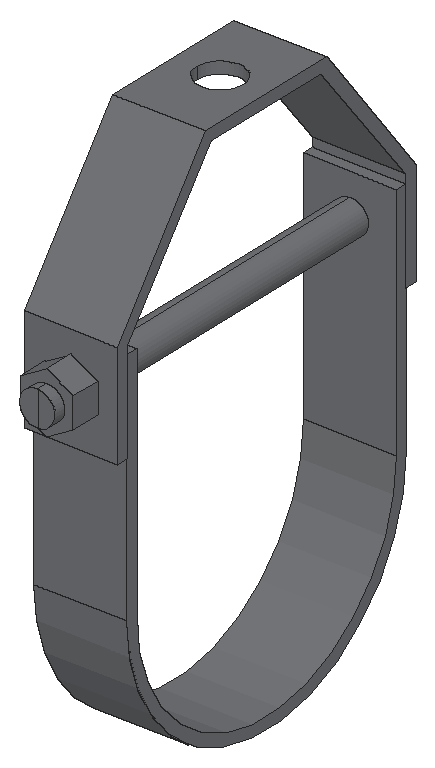
Revit family "7005P Std Duty Clevis Hanger", category Pipe Accessories, Revit 2018
Family settings
  Round Connector Dimension = Use Diameter
  Part Type = Normal
  OmniClass Number = 23.60.30.11.17
  OmniClass Title = Pipework/Ductwork Mechanical Fasteners/Supports
  Work Plane-Based = No
  Always vertical = Yes
  Cut with Voids When Loaded = No
  Shared = No
Parameters
  smallersize [instance] = Nominal Diameter < 1.350"  # no
  nut1_dia [instance] = size_lookup("nut_hex_US", "nut_dia", 1.500", D3)  # 0.5625"
  bolt rad [instance] = if(Nominal Diameter > 18.000", 0.500", nut1_dia / 3)  # 0.1875"
  Weight [instance] = size_lookup(LookupTable, "Weight", "NA", Nominal Diameter)  # "0.83 lbs."
  Product ID [instance] = size_lookup(LookupTable, "ProductID", "NA", Nominal Diameter)  # "5060381"
  Part Number [instance] = size_lookup(LookupTable, "PartNumber", "NA", Nominal Diameter)  # "FNW7005P0300"
  LookupTable [instance] = "7005P Std Duty Clevis Hanger"  # constant formula
  fillet [instance] = D3 + Y2  # 0.500"
  Z1 [instance] = size_lookup(LookupTable, "Z1", 0.000", Nominal Diameter)  # 1.5625"
  Z4 [instance] = size_lookup(LookupTable, "Z4", 0.000", Nominal Diameter)  # 4.125"
  Z3 [instance] = size_lookup(LookupTable, "Z3", 0.000", Nominal Diameter)  # 2.6875"
  Z2 [instance] = size_lookup(LookupTable, "Z2", 0.000", Nominal Diameter)  # 2.125"
  Z5 [instance] = size_lookup(LookupTable, "Z5", 0.000", Nominal Diameter)  # 2.5625"
  Y1 [instance] = size_lookup(LookupTable, "Y1", 0.000", Nominal Diameter)  # 1.3646"
  Y2 [instance] = size_lookup(LookupTable, "Y2", 0.000", Nominal Diameter)  # 0.125"
  nut1_height [instance] = size_lookup("nut_hex_US", "nut_height", 1.000", D3)  # 0.32813"
  W1 [instance] = size_lookup(LookupTable, "W1", 0.000", Nominal Diameter)  # 1.000"
  URL = "http://fnw.com"
  Nominal Diameter [instance] = 3.000"
  Manufacturer = "FNW"  # constant formula
  Description BOM [instance] = size_lookup(LookupTable, "Description_BOM", "NA", Nominal Diameter)  # "3 7005P Std Duty Clevis Hanger"
  D3 [instance] = size_lookup(LookupTable, "D3", 0.000", Nominal Diameter)  # 0.375"
  D2 [instance] = size_lookup(LookupTable, "D2", 0.000", Nominal Diameter)  # 0.500"
  D1 [instance] = size_lookup(LookupTable, "D1", 0.000", Nominal Diameter)  # 3.500"
  bolt_length [instance] = D1 + (Y2 * 4) + nut1_height + 0.125"  # 4.45313"
  biggersize [instance] = Nominal Diameter > 1.350"  # yes
  120 = 120.00°
Reference planes (in)
  plane 1 "Center (Front/Back)": y = 0
  plane 2: z = 0
  plane 3 "Center (Left/Right)": x = 0
  plane 4: z = 2.125
  plane 5: z = 4.125
  plane 6: z = 2.6875
  plane 7: z = 1.5625
  plane 8: y = 0.6823
  plane 9: y = -0.6823
  plane 10: y = -1.75
  plane 11: y = 1.75
  plane 12: y = -1.875
  plane 13: y = 1.875
  plane 14: y = 2
  plane 15: y = -2
  plane 16: y = -2.32813
  plane 17: y = 2.32812
  plane 18: z = 1.8
  plane 19: x = -0.5
  plane 20: x = 0.5
  plane 21: y = -2.45313
  plane 22: z = 4.25
Forms (in)
  Sweep 1, solid, material "Steel, Black"
    path origin (0, 0, 0) x (0, 1, 0) y (0, 0, 1)
      loop
        line (1.75, 2.5625) -> (1.75, 0)
        arc (1.75, 0) -> (0, -1.75) -> (-1.75, 0) r 1.75
        line (-1.75, 0) -> (-1.75, 2.5625)
    profile origin (0, 1.75, 1.28125) x (1, 0, 0) y (0, 1, 0)
      loop
        line (-0.5, 0.125) -> (-0.5, 0) -> (0.5, 0) -> (0.5, 0.125) -> (-0.5, 0.125)
  Extrusion 2, void
    sketch origin (0, 0, 0) x (1, 0, 0) y (0, 1, 0)
      loop
        circle (0, 0) r 0.25
    from 4.125 to 4.25
  Extrusion 3, solid, material "Steel, Black", visible <- "smallersize"
    sketch origin (0, 0, 0) x (0, 1, 0) y (0, 0, 1)
      loop
        line (-1.875, 1.5625) -> (-1.875, 3.75)
        arc (-1.875, 3.75) -> (-1.76517, 4.01517) -> (-1.5, 4.125) r 0.375
        line (-1.5, 4.125) -> (1.5, 4.125)
        arc (1.5, 4.125) -> (1.76517, 4.01517) -> (1.875, 3.75) r 0.375
        line (1.875, 3.75) -> (1.875, 1.5625) -> (2, 1.5625) -> (2, 3.75)
        arc (2, 3.75) -> (1.85355, 4.10355) -> (1.5, 4.25) r 0.5
        line (1.5, 4.25) -> (-1.5, 4.25)
        arc (-1.5, 4.25) -> (-1.85355, 4.10355) -> (-2, 3.75) r 0.5
        line (-2, 3.75) -> (-2, 1.5625) -> (-1.875, 1.5625)
    from -0.5 to 0.5
  Extrusion 4, solid, material "Steel, Black", visible <- "biggersize"
    sketch origin (0, 0, 0) x (0, 1, 0) y (0, 0, 1)
      loop
        line (-2, 2.6875) -> (-2, 1.5625) -> (-1.875, 1.5625) -> (-1.875, 2.64543) -> (-0.75184, 4.125) -> (0.73225, 4.125) -> (1.875, 2.66126) -> (1.875, 1.5625) -> (2, 1.5625) -> (2, 2.6875) -> (0.81389, 4.25) -> (-0.81389, 4.25) -> (-2, 2.6875)
    from -0.5 to 0.5
  Revolve 5, solid, material "Steel, Black"
    sketch origin (0, 0, 0) x (0, 1, 0) y (0, 0, 1)
      loop
        line (-2.45313, 2.125) -> (2, 2.125) -> (2, 2.3125) -> (-2.45313, 2.3125) -> (-2.45313, 2.125)
      axis (2, 2.125) -> (-2.45313, 2.125)
    angle from 0 to 360
Cuts and joins
  Extrusion 2 cuts Extrusion 3
  Extrusion 2 cuts Extrusion 4
Lines and regions (in)
  model lines, style "center"
    curve 1: line (0, 0, 4.125) -> (0, 0, 0)
    curve 2: line (0, 1.75, 0) -> (0, -1.75, 0)
Dimensions and locks (in)
  equal spacing: Sweep 1 sketch curve, plane 1 "Center (Front/Back)", Sweep 1 sketch curve
  "D1": Sweep 1 sketch curve to Sweep 1 sketch curve
  "Z5": Sweep 1 sketch curve to level  (x2)
  equal spacing: Sweep 1 sketch curve, profile plane, Sweep 1 sketch curve
  "W1": Sweep 1 sketch curve to Sweep 1 sketch curve
  "Y2": Sweep 1 sketch curve to Sweep 1 sketch curve
  "Z4": plane 5 to plane 2
  "Z3": plane 6 to plane 2
  "Z1": plane 7 to plane 2
  equal spacing: plane 9, plane 1 "Center (Front/Back)", plane 8
  "Y1": plane 9 to plane 8
  equal spacing: plane 10, plane 1 "Center (Front/Back)", plane 11
  "D1": plane 10 to plane 11
  "Y2": plane 12 to plane 10
  "Y2": plane 11 to plane 13
  "Y2": plane 15 to plane 12
  "Y2": plane 13 to plane 14
  "nut1_height": plane 14 to plane 17
  "nut1_height": plane 16 to plane 15
  "Z2": plane 4 to plane 2
  "Y2": Extrusion 3 sketch curve to plane 5
  equal spacing: plane 19, plane 3 "Center (Left/Right)", plane 20
  "W1": plane 19 to plane 20
  "bolt_length": plane 14 to plane 21
  "Y2": plane 22 to plane 5
  "Y2": Extrusion 4 sketch curve to Extrusion 4 sketch curve
  "Y2": plane 13 to Extrusion 4 sketch curve
  "Y2": Extrusion 4 sketch curve to plane 12
  "bolt rad": Revolve 5 sketch curve to plane 4
  "D1": diameter of Sweep 1 sketch curve
  "D2": diameter of Extrusion 2 sketch curve
  "D3": radius of Extrusion 3 sketch curve  (x2)
  "fillet": radius of Extrusion 3 sketch curve  (x2)
  aligned and locked: plane 2 to level
  aligned and locked: Sweep 1 sketch curve to profile plane
  aligned and locked: plane 7 to Extrusion 3 sketch curve
  aligned and locked: Extrusion 3 sketch curve to plane 7
  aligned and locked: plane 14 to Extrusion 3 sketch curve
  aligned and locked: Extrusion 3 sketch curve to plane 13
  aligned and locked: plane 12 to Extrusion 3 sketch curve
  aligned and locked: Extrusion 3 sketch curve to plane 5
  aligned and locked: plane 19 to Extrusion 3
  aligned and locked: Extrusion 3 to plane 20
  aligned and locked: Extrusion 2 to plane 5
  aligned and locked: plane 22 to Extrusion 2
  aligned and locked: plane 12 to Extrusion 4 sketch curve
  aligned and locked: Extrusion 4 sketch curve to plane 13
  aligned and locked: cut or joined group of Extrusion 2, Extrusion 4 to plane 20
  aligned and locked: plane 19 to cut or joined group of Extrusion 2, Extrusion 4
  aligned and locked: plane 4 to Revolve 5 sketch curve  (x2)
  aligned and locked: cut or joined group of Extrusion 2, Extrusion 4 to plane 7  (x2)
  aligned and locked: Revolve 5 sketch curve to plane 14
  aligned and locked: plane 21 to Revolve 5 sketch curve
  aligned and locked: nested 2 to plane 15
Automatic sketch dimensions
  curve 2 to plane 3 "Center (Left/Right)" = 0.000"
  plane 10 to curve 2 = 0.000"
  curve 2 to plane 11 = 0.000"
  curve 1 to level = 0.000"
  curve 1 to plane 1 "Center (Front/Back)" = 0.000"
  curve 1 to plane 5 = 0.000"
  Sweep 1 sketch curve to level = 0.000"
  plane 1 "Center (Front/Back)" to Extrusion 2 sketch curve = 0.000"
  Extrusion 2 sketch curve to plane 3 "Center (Left/Right)" = 0.000"
  Extrusion 3 sketch curve to Extrusion 3 sketch curve = 0.000"
  Extrusion 4 sketch curve to plane 22 = 0.000"
  Extrusion 4 sketch curve to plane 5 = 0.000"
  Extrusion 4 sketch curve to plane 7 = 0.000"  (x2)
  Extrusion 4 sketch curve to plane 6 = 0.000"  (x2)
  Extrusion 4 sketch curve to plane 9 = 0.13159"
  Extrusion 4 sketch curve to plane 8 = 0.04995"
  Extrusion 4 sketch curve to plane 8 = 0.13159"
  Extrusion 4 sketch curve to plane 6 = 0.02624"
  Revolve 5 sketch curve to plane 15 = 0.03399"
  plane 17 to Revolve 5 sketch curve = 0.16471"
Nested families (in)
  nested 1: "nest hex nut" at (-0.15598, 2, 2.23182) x (0, 0, 1) z (0, 1, 0), BHX1 <- "nut1_height", SCD3 <- "nut1_dia", type "nest hex nut"
    with Weight "", SCR3 0.28125", SCD3 0.5625", Product ID "", Part Number "", Nominal Diameter 1/2", Description BOM "", Center of Hex 12.000", BHX1 0.32813"
  nested 2: "nest hex nut" at (0, -2.32813, 2.12306) x (0, 0, 1) z (0, 1, 0), BHX1 <- "nut1_height", SCD3 <- "nut1_dia", type "nest hex nut"
    with Weight "", SCR3 0.28125", SCD3 0.5625", Product ID "", Part Number "", Nominal Diameter 1/2", Description BOM "", Center of Hex 12.000", BHX1 0.32813"
Definition of nested family "nest hex nut"
  Parameters (values of type "nest hex nut")
    Weight [instance] = ""
    URL = "http://www.fnw.com"
    Standards Lookup Table = "Standards"  # constant formula
    SCR3 [instance] = SCD3 / 2  # 0.500"
    SCD3 [instance] = 1.000"
    Product ID [instance] = ""
    Part Number [instance] = ""
    Nominal Diameter [instance] = 1/2"
    LookupTable = ""
    Description BOM [instance] = ""
    Default Elevation = 48.000"
    Center of Hex [instance] = 12.000"
    BHX1 [instance] = 0.70262"
    120 = 120.00°
  Reference planes (in)
    plane 1 "Center (Front/Back)": y = 0
    plane 2: z = 0
    plane 3 "Center (Left/Right)": x = 0
    plane 4: z = 0.70262
    plane 5: x = 0
  Forms (in)
    Extrusion 1, solid
      sketch origin (-12, 0, 0) x (1, 0, 0) y (0, 1, 0)
        loop
          line (12.57735, 0) -> (12.28868, 0.5) -> (11.71132, 0.5) -> (11.42265, 0) -> (11.71132, -0.5) -> (12.28868, -0.5) -> (12.57735, 0)
      from 0 to 0.70262
  Dimensions and locks (in)
    "BHX1": plane 4 to plane 2
    equal spacing: Extrusion 1 sketch curve, plane 5, Extrusion 1 sketch curve  (x2)
    equal spacing: Extrusion 1 sketch curve, plane 1 "Center (Front/Back)", Extrusion 1 sketch curve
    "SCD3": Extrusion 1 sketch curve to Extrusion 1 sketch curve  (x3)
    "120": angle Extrusion 1 sketch curve to Extrusion 1 sketch curve  (x5)
    aligned and locked: plane 2 to level
    aligned and locked: Extrusion 1 to plane 4
    aligned and locked: Extrusion 1 to plane 2
